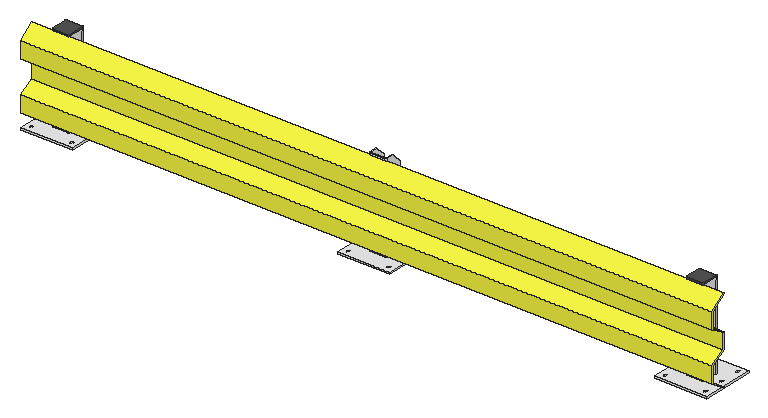
Revit family "Safety & Protection_Barrier_UltiGroup_Fixed Barrier", category Generic Models, Revit 2016
Family settings
  Part Type = Normal
  Can host rebar = No
  Round Connector Dimension = Use Diameter
  OmniClass Number = 23.30.80.17
  OmniClass Title = Impact Protection
  Work Plane-Based = No
  Always vertical = Yes
  Cut with Voids When Loaded = No
  Shared = No
  Room Calculation Point = No
Parameters (values of type "310-1")
  URL = "http://ultigroup.co.nz/"
  Toll Free Phone = "0800 807 753"
  StyleOrType_ANZRS = ""
  Send Message = "http://ultigroup.co.nz/contact-ulti-group/"
  Phone = "07 974 4691"
  ModifiedIssue_ANZRS = 0
  Model = "Ulti Fixed Barrier 310-1"
  Manufacturer = "UltiGroup"
  InstallationGroup_ANZRS = 0
  FireRating_ANZRS = ""
  FilterObject_ANZRS = ""
  Fax = "07 846 2467"
  Description = "Fixed Barrier System 3100mm high - Single"
  CreatedBy_ANZRS = "UltiGroup"
  CreatedByURL_ANZRS = "http://ultigroup.co.nz/"
  CreatedByPhoneNo_ANZRS = "07 974 4691"
  Address = "17 McKee Street, Te Rapa, Hamilton, 3200, New Zealand"
  AcousticRating_ANZRS = ""
  910-3 = no
  910-2 = no
  910 = no
  610-2 = no
  610-1 = no
  310-1 = yes
Types (6, lengths in mm): name | Model | Description | 910-3 | 910-2 | 910 | 610-2 | 610-1 | 310-1
  (no name) | "Ulti Fixed Barrier 310-1" | "Fixed Barrier System 3100mm high - Single" | no | no | no | no | no | yes
  310-1 | "Ulti Fixed Barrier 310-1" | "Fixed Barrier System 3100mm high - Single" | no | no | no | no | no | yes
  610-1 | "Ulti Fixed Barrier 610-1" | "Fixed Barrier System 6100mm high - Single" | no | no | no | no | yes | no
  610-2 | "Ulti Fixed Barrier  610-2" | "Fixed Barrier System 6100mm high - Double" | no | no | no | yes | yes | no
  910-2 | "Ulti Fixed Barrier 910-2" | "Fixed Barrier System 9100mm high - Double" | no | yes | yes | no | no | no
  910-3 | "Ulti Fixed Barrier 910-3" | "Fixed Barrier System 9100mm high - Triple" | yes | no | yes | no | no | no
Reference planes
  plane 1 "Center (Front/Back)": y = 0
  plane 2: z = 0
  plane 3 "Center (Left/Right)": x = 0
  plane 4: x = 2200
  plane 5: x = 1100
  plane 6: z = 305
  plane 7: z = 455
  plane 8: z = 605
Dimensions and locks
  locked: plane 4 to plane 3 "Center (Left/Right)" at 2200
  equal spacing: plane 4, plane 5, plane 3 "Center (Left/Right)"
  locked: plane 6 to plane 2 at 305
  locked: plane 7 to level at 455
  locked: plane 8 to level at 605
  aligned and locked: level to plane 2
  aligned and locked: plane 3 "Center (Left/Right)" to nested 1
  aligned and locked: plane 1 "Center (Front/Back)" to nested 1
  aligned and locked: plane 1 "Center (Front/Back)" to nested 2
  aligned and locked: nested 2 to plane 4
  aligned and locked: plane 1 "Center (Front/Back)" to nested 3
  aligned and locked: plane 5 to nested 3
  aligned and locked: plane 3 "Center (Left/Right)" to nested 4
  aligned and locked: plane 1 "Center (Front/Back)" to nested 5
  aligned and locked: plane 3 "Center (Left/Right)" to nested 5
  aligned and locked: nested 6 to plane 4
  aligned and locked: plane 1 "Center (Front/Back)" to nested 6
  aligned and locked: plane 1 "Center (Front/Back)" to nested 7
  aligned and locked: plane 5 to nested 7
  aligned and locked: plane 3 "Center (Left/Right)" to nested 8
  aligned and locked: nested 8 to nested 5
  aligned and locked: nested 9 to plane 6
  aligned and locked: plane 3 "Center (Left/Right)" to nested 9
  aligned and locked: plane 1 "Center (Front/Back)" to nested 10
  aligned and locked: plane 3 "Center (Left/Right)" to nested 10
  aligned and locked: nested 11 to plane 4
  aligned and locked: plane 1 "Center (Front/Back)" to nested 11
  aligned and locked: plane 5 to nested 12
  aligned and locked: plane 1 "Center (Front/Back)" to nested 12
  aligned and locked: plane 3 "Center (Left/Right)" to nested 13
  aligned and locked: nested 13 to nested 10
  aligned and locked: plane 3 "Center (Left/Right)" to nested 14
  aligned and locked: nested 14 to plane 7
  aligned and locked: plane 3 "Center (Left/Right)" to nested 15
  aligned and locked: nested 15 to plane 6
  aligned and locked: plane 3 "Center (Left/Right)" to nested 16
  aligned and locked: nested 16 to plane 8
Nested families
  nested 1: "Safety & Protection_Barrier Parts_UltiGroup_End Post" at (0, 0, 0), visible <- "310-1", type "BS310-E"
  nested 2: "Safety & Protection_Barrier Parts_UltiGroup_End Post" at (2200, 0, 0), visible <- "310-1", type "BS310-E"
  nested 3: "Safety & Protection_Barrier Parts_UltiGroup_Support" at (1100, 0, 0), visible <- "310-1", type "BS310"
  nested 4: "Safety & Protection_Barrier Parts_UltiGroup_Barrier" at (-100, -30, 157.5) x (1, 0, 0) z (0, -1, 0), visible <- "310-1", type "BR240GY"
  nested 5: "Safety & Protection_Barrier Parts_UltiGroup_End Post" at (0, 0, 0), visible <- "610-1", type "BS610-E"
  nested 6: "Safety & Protection_Barrier Parts_UltiGroup_End Post" at (2200, 0, 0), visible <- "610-1", type "BS610-E"
  nested 7: "Safety & Protection_Barrier Parts_UltiGroup_Support" at (1100, 0, 0), visible <- "610-1", type "BS610"
  nested 8: "Safety & Protection_Barrier Parts_UltiGroup_Barrier" at (-100, -30, 457.5) x (1, 0, 0) z (0, -1, 0), visible <- "610-1", type "BR240GY"
  nested 9: "Safety & Protection_Barrier Parts_UltiGroup_Barrier" at (-100, -30, 157.5) x (1, 0, 0) z (0, -1, 0), visible <- "610-2", type "BR240GY"
  nested 10: "Safety & Protection_Barrier Parts_UltiGroup_End Post" at (0, 0, 0), visible <- "910", type "BS910-E"
  nested 11: "Safety & Protection_Barrier Parts_UltiGroup_End Post" at (2200, 0, 0), visible <- "910", type "BS910-E"
  nested 12: "Safety & Protection_Barrier Parts_UltiGroup_Support" at (1100, 0, 0), visible <- "910", type "BS910"
  nested 13: "Safety & Protection_Barrier Parts_UltiGroup_Barrier" at (-100, -45, 757.5) x (1, 0, 0) z (0, -1, 0), visible <- "910", type "BR240GY"
  nested 14: "Safety & Protection_Barrier Parts_UltiGroup_Barrier" at (-100, -45, 307.5) x (1, 0, 0) z (0, -1, 0), visible <- "910-2", type "BR240GY"
  nested 15: "Safety & Protection_Barrier Parts_UltiGroup_Barrier" at (-100, -45, 157.5) x (1, 0, 0) z (0, -1, 0), visible <- "910-3", type "BR240GY"
  nested 16: "Safety & Protection_Barrier Parts_UltiGroup_Barrier" at (-100, -45, 457.5) x (1, 0, 0) z (0, -1, 0), visible <- "910-3", type "BR240GY"
Definition of nested family "Safety & Protection_Barrier Parts_UltiGroup_End Post"
  Parameters (values of type "B610-E with handrail")
    With handrail and support = yes
    URL = "www.ultigroup.co.nz"
    StyleOrType_ANZRS = ""
    Post dimension = 60 mm
    Post Height = 610 mm
    ModifiedIssue_ANZRS = 0
    Model = "Ulti Fixed Barrier Double End Support - BS610-E"
    Manufacturer = "UltiGroup"
    InstallationGroup_ANZRS = 0
    Handrail = none
    Galvanised steel silver = none
    FireRating_ANZRS = ""
    FilterObject_ANZRS = ""
    End cap = none
    Description = "Ulti Fixed Barrier Double End Support with handrail"
    CreatedBy_ANZRS = "UltiGroup"
    CreatedByURL_ANZRS = "www.ultigroup.co.nz"
    CreatedByPhoneNo_ANZRS = "07 974 4691"
    Base Plate dimension = 180 mm
    Base Plate Thickness = 6 mm
    AcousticRating_ANZRS = ""
  Types (6, lengths in mm): name | With handrail and support | Post dimension | Post Height | Model | Description | Base Plate Thickness
    (no name) | yes | 60 | 610 | "Ulti Fixed Barrier Double End Support - BS610-E" | "Ulti Fixed Barrier Double End Support with handrail" | 6
    BS310-E | no | 60 | 310 | "Ulti Fixed Barrier Single End Support - BS310-E" | "Ulti Fixed Barrier Single End Support" | 6
    BS610-E | no | 60 | 610 | "Ulti Fixed Barrier Double End Support - BS610-E" | "Ulti Fixed Barrier Double End Support" | 6
    BS910-E | no | 90 | 910 | "Ulti Fixed Barrier Triple End Support - BS910-E" | "Ulti Fixed Barrier Triple End Support" | 10
    BS910-E with handrail | yes | 90 | 910 | "Ulti Fixed Barrier Triple End Support - BS910-E" | "Ulti Fixed Barrier Triple End Support with handrail" | 10
    B610-E with handrail | yes | 60 | 610 | "Ulti Fixed Barrier Double End Support - BS610-E" | "Ulti Fixed Barrier Double End Support with handrail" | 6
  Reference planes
    plane 1 "Center (Front/Back)": y = 0
    plane 2: z = 0
    plane 3 "Center (Left/Right)": x = 0
    plane 4: x = -90
    plane 5: x = 90
    plane 6: y = 90
    plane 7: y = -90
    plane 8: z = 6
    plane 9: z = 610
    plane 10: x = -70
    plane 11: x = 70
    plane 12: y = 70
    plane 13: y = -70
    plane 14: y = 30
    plane 15: y = -30
    plane 16: x = -30
    plane 17: x = 30
    plane 18: z = 605
    plane 19: z = 1000
    plane 20: z = 990
    plane 21: z = 495
    plane 22: z = 415
    plane 23: y = 79.5
    plane 24: y = 102
    plane 25: y = 67.5
    plane 26: x = 19
    plane 27: x = -19
  Forms (mm)
    Extrusion 1, solid, material <- "Galvanised steel silver"
      sketch origin (0, 0, 0) x (1, 0, 0) y (0, 1, 0)
        loop
          line (-90, 90) -> (-90, -90) -> (90, -90) -> (90, 90) -> (-90, 90)
        loop
          circle (-70, 70) r 5
        loop
          circle (-70, 0) r 5
        loop
          circle (-70, -70) r 5
        loop
          circle (70, -70) r 5
        loop
          circle (70, 0) r 5
        loop
          circle (70, 70) r 5
      from 0 to 6
    Extrusion 2, solid, material <- "Galvanised steel silver"
      sketch origin (-1503.406, -1524, 6) x (-1, 0, 0) y (0, -1, 0)
        loop
          line (-1473.406, -1550) -> (-1473.406, -1498)
          arc (-1473.406, -1498) -> (-1474.578, -1495.172) -> (-1477.406, -1494) r 4
          line (-1477.406, -1494) -> (-1529.406, -1494)
          arc (-1529.406, -1494) -> (-1532.235, -1495.172) -> (-1533.406, -1498) r 4
          line (-1533.406, -1498) -> (-1533.406, -1550)
          arc (-1533.406, -1550) -> (-1532.235, -1552.828) -> (-1529.406, -1554) r 4
          line (-1529.406, -1554) -> (-1477.406, -1554)
          arc (-1477.406, -1554) -> (-1474.578, -1552.828) -> (-1473.406, -1550) r 4
        loop
          arc (-1479.406, -1550) -> (-1477.992, -1549.414) -> (-1477.406, -1548) r 2
          line (-1477.406, -1548) -> (-1477.406, -1500)
          arc (-1477.406, -1500) -> (-1477.992, -1498.586) -> (-1479.406, -1498) r 2
          line (-1479.406, -1498) -> (-1527.406, -1498)
          arc (-1527.406, -1498) -> (-1528.821, -1498.586) -> (-1529.406, -1500) r 2
          line (-1529.406, -1500) -> (-1529.406, -1548)
          arc (-1529.406, -1548) -> (-1528.821, -1549.414) -> (-1527.406, -1550) r 2
          line (-1527.406, -1550) -> (-1479.406, -1550)
      from 0 to 599
    Extrusion 3, solid, material <- "Handrail", visible <- "With handrail and support"
      sketch origin (0, 55, 495) x (0, 1, 0) y (-1, 0, 0)
        loop
          circle (24.5, 0) r 22.5
      from 0 to 495
    Revolve 4, solid, material <- "End cap", visible <- "With handrail and support"
      sketch origin (0, 0, 0) x (0, 1, 0) y (0, 0, 1)
        loop
          line (79.5, 1000) -> (79.5, 990) -> (102, 990) -> (102, 992) -> (101, 992) -> (101, 993) -> (102, 993) -> (102, 994.359)
          arc (102, 994.359) -> (101.84, 994.901) -> (101.412, 995.27) r 1
          arc (101.412, 995.27) -> (90.709, 998.804) -> (79.5, 1000) r 53.125
        axis (79.5, 1000) -> (79.5, 990)
      angle from 0 to 360
    Extrusion 5, solid, material <- "Handrail", visible <- "With handrail and support"
      sketch origin (-19, -125.417, 1200) x (0, -1, 0) y (0, 0, 1)
        loop
          line (-155.417, -785) -> (-155.417, -663.624) -> (-192.917, -657) -> (-192.917, -740) -> (-165.417, -785) -> (-155.417, -785)
      from 0 to 3
    Extrusion 6, solid, material <- "Handrail", visible <- "With handrail and support"
      sketch origin (19, -125.417, 1200) x (0, -1, 0) y (0, 0, 1)
        loop
          line (-155.417, -785) -> (-155.417, -663.624) -> (-192.917, -657) -> (-192.917, -740) -> (-165.417, -785) -> (-155.417, -785)
      from -3 to 0
    Extrusion 7, solid, material <- "Handrail", visible <- "With handrail and support"
      sketch origin (-22, -125.417, 1200) x (0, -1, 0) y (0, 0, 1)
        loop
          line (-155.417, -785) -> (-155.417, -663.624) -> (-158.417, -663.094) -> (-158.417, -785) -> (-155.417, -785)
      from 0 to -44
    Extrusion 8, solid, material <- "End cap"
      sketch origin (-1506.121, -1524, 605) x (-1, 0, 0) y (0, -1, 0)
        loop
          arc (-1480.121, -1554) -> (-1477.292, -1552.828) -> (-1476.121, -1550) r 4
          line (-1476.121, -1550) -> (-1476.121, -1498)
          arc (-1476.121, -1498) -> (-1477.292, -1495.172) -> (-1480.121, -1494) r 4
          line (-1480.121, -1494) -> (-1532.121, -1494)
          arc (-1532.121, -1494) -> (-1534.949, -1495.172) -> (-1536.121, -1498) r 4
          line (-1536.121, -1498) -> (-1536.121, -1550)
          arc (-1536.121, -1550) -> (-1534.949, -1552.828) -> (-1532.121, -1554) r 4
          line (-1532.121, -1554) -> (-1480.121, -1554)
      from 0 to 5
  Cuts and joins
    joined: Extrusion 5, Extrusion 6, Extrusion 7
  Dimensions and locks
    "Base Plate dimension": plane 4 to plane 5
    equal spacing: plane 4, plane 3 "Center (Left/Right)", plane 5
    "Base Plate dimension": plane 6 to plane 7
    equal spacing: plane 6, plane 1 "Center (Front/Back)", plane 7
    "Base Plate Thickness": plane 8 to plane 2
    "Post Height": plane 9 to plane 2
    locked: plane 4 to plane 10 at 20
    locked: plane 11 to plane 5 at 20
    locked: plane 13 to plane 7 at 20
    locked: plane 6 to plane 12 at 20
    "Post dimension": plane 14 to plane 15
    equal spacing: plane 14, plane 1 "Center (Front/Back)", plane 15
    "Post dimension": plane 16 to plane 17
    equal spacing: plane 16, plane 3 "Center (Left/Right)", plane 17
    locked: plane 9 to plane 18 at 5
    locked: plane 19 to level at 1000
    locked: plane 19 to plane 20 at 10
    locked: plane 9 to plane 21 at 115
    locked: plane 21 to plane 22 at 80
    locked: plane 1 "Center (Front/Back)" to plane 24 at 102
    locked: plane 24 to plane 23 at 22.5
    locked: plane 25 to plane 23 at 12
    locked: plane 3 "Center (Left/Right)" to plane 26 at 19
    locked: plane 27 to plane 3 "Center (Left/Right)" at 19
    aligned and locked: level to plane 2
    aligned and locked: Extrusion 1 sketch curve to plane 6
    aligned and locked: Extrusion 1 sketch curve to plane 4
    aligned and locked: Extrusion 1 sketch curve to plane 7
    aligned and locked: Extrusion 1 sketch curve to plane 5
    aligned and locked: plane 8 to Extrusion 1
    aligned and locked: Extrusion 1 to level
    aligned and locked: plane 12 to Extrusion 1 sketch curve  (x2)
    aligned and locked: plane 10 to Extrusion 1 sketch curve  (x3)
    aligned and locked: plane 11 to Extrusion 1 sketch curve  (x3)
    aligned and locked: plane 1 "Center (Front/Back)" to Extrusion 1 sketch curve  (x2)
    aligned and locked: plane 13 to Extrusion 1 sketch curve  (x2)
    aligned and locked: Extrusion 2 sketch curve to plane 16
    aligned and locked: Extrusion 2 sketch curve to plane 14
    aligned and locked: Extrusion 2 sketch curve to plane 17
    aligned and locked: Extrusion 2 sketch curve to plane 15
    aligned and locked: Extrusion 2 to plane 8
    aligned and locked: plane 18 to Extrusion 2
    aligned and locked: plane 23 to Extrusion 3 sketch curve
    aligned and locked: plane 3 "Center (Left/Right)" to Extrusion 3 sketch curve
    aligned and locked: Extrusion 3 to plane 21
    aligned and locked: plane 20 to Extrusion 3
    aligned and locked: Revolve 4 sketch curve to plane 23
    aligned and locked: plane 23 to Revolve 4 sketch curve
    aligned and locked: plane 20 to Revolve 4 sketch curve
    aligned and locked: plane 24 to Revolve 4 sketch curve
    aligned and locked: Extrusion 5 sketch curve to plane 14
    aligned and locked: Extrusion 5 sketch curve to plane 22
    aligned and locked: Extrusion 5 sketch curve to plane 25
    aligned and locked: Extrusion 6 sketch curve to plane 14
    aligned and locked: Extrusion 6 sketch curve to plane 25
    aligned and locked: Extrusion 6 sketch curve to plane 22
    aligned and locked: Extrusion 7 sketch curve to plane 14
    aligned and locked: Extrusion 7 sketch curve to plane 22
    aligned and locked: Extrusion 7 sketch curve to Extrusion 5
    aligned and locked: Extrusion 7 to cut or joined group of Extrusion 5, Extrusion 6, Extrusion 7
    aligned and locked: Extrusion 8 sketch curve to Extrusion 2  (x4)
    aligned and locked: plane 9 to Extrusion 8
    aligned and locked: Extrusion 8 to plane 18
  Automatic sketch dimensions
    Extrusion 2 sketch curve to Extrusion 2 sketch curve = 4 mm
    Extrusion 2 sketch curve to plane 17 = 4 mm
    Extrusion 2 sketch curve to Extrusion 2 sketch curve = 0 mm  (x3)
    Extrusion 2 sketch curve to Extrusion 2 sketch curve = 2 mm  (x4)
    plane 16 to Extrusion 2 sketch curve = 6 mm  (x2)
    plane 15 to Extrusion 2 sketch curve = 4 mm
    Revolve 4 sketch curve to plane 24 = 0 mm
    Revolve 4 sketch curve to plane 19 = 0 mm
    Revolve 4 sketch curve to Revolve 4 sketch curve = 1 mm  (x3)
    Revolve 4 sketch curve to plane 20 = 43.125 mm
    plane 20 to Revolve 4 sketch curve = 2 mm
    Revolve 4 sketch curve to Revolve 4 sketch curve = 1.359 mm
    plane 21 to Revolve 4 sketch curve = 54.942 mm
    Revolve 4 sketch curve to Revolve 4 sketch curve = 162.671 mm
    plane 14 to Extrusion 5 sketch curve = 10 mm
    Extrusion 5 sketch curve to plane 21 = 35 mm
    plane 21 to Extrusion 5 sketch curve = 41.376 mm
    Extrusion 5 sketch curve to Extrusion 5 sketch curve = 6.624 mm
    plane 14 to Extrusion 6 sketch curve = 10 mm
    Extrusion 6 sketch curve to plane 21 = 35 mm
    plane 21 to Extrusion 6 sketch curve = 41.376 mm
    Extrusion 6 sketch curve to Extrusion 6 sketch curve = 6.624 mm
    Extrusion 7 sketch curve to Extrusion 5 = 3 mm
    radius of Extrusion 1 sketch curve = 5 mm  (x6)
    radius of Extrusion 3 sketch curve = 22.5 mm
Definition of nested family "Safety & Protection_Barrier Parts_UltiGroup_Support"
  Parameters (values of type "BS610")
    With handrail and support = no
    URL = "www.ultigroup.co.nz"
    StyleOrType_ANZRS = ""
    Post dimension = 60 mm
    Post Height = 610 mm
    Post 910 = no
    Post 310-610 = yes
    ModifiedIssue_ANZRS = 0
    Model = "Ulti Fixed Barrier Double Support - BS610"
    Manufacturer = "UltiGroup"
    InstallationGroup_ANZRS = 0
    Handrail = none
    Galvanised steel silver = none
    FireRating_ANZRS = ""
    FilterObject_ANZRS = ""
    End cap = none
    Description = "Ulti Fixed Barrier Double Support"
    CreatedBy_ANZRS = "UltiGroup"
    CreatedByURL_ANZRS = "www.ultigroup.co.nz"
    CreatedByPhoneNo_ANZRS = "07 974 4691"
    Base Plate dimension = 180 mm
    Base Plate Thickness = 6 mm
    AcousticRating_ANZRS = ""
  Types (6, lengths in mm): name | With handrail and support | Post dimension | Post Height | Post 910 | Post 310-610 | Model | Description | Base Plate Thickness
    (no name) | no | 60 | 610 | no | yes | "Ulti Fixed Barrier Double Support - BS610" | "Ulti Fixed Barrier Double Support" | 6
    BS310 | no | 60 | 310 | no | yes | "Ulti Fixed Barrier Single Support - BS310" | "Ulti Fixed Barrier Single Support" | 6
    BS610 | no | 60 | 610 | no | yes | "Ulti Fixed Barrier Double Support - BS610" | "Ulti Fixed Barrier Double Support" | 6
    BS910 | no | 90 | 910 | yes | no | "Ulti Fixed Barrier Triple Support - BS910" | "Ulti Fixed Barrier Triple Support" | 10
    BS910 - with handrail support | yes | 90 | 910 | yes | no | "Ulti Fixed Barrier Triple Support - BS910" | "Ulti Fixed Barrier Triple Support" | 10
    BS610 - with handrail suppport | yes | 60 | 610 | no | yes | "Ulti Fixed Barrier Double Support - BS610" | "Ulti Fixed Barrier Double Support" | 6
  Reference planes
    plane 1 "Center (Front/Back)": y = 0
    plane 2: z = 0
    plane 3 "Center (Left/Right)": x = 0
    plane 4: x = -90
    plane 5: x = 90
    plane 6: y = 90
    plane 7: y = -90
    plane 8: z = 6
    plane 9: z = 610
    plane 10: x = -70
    plane 11: x = 70
    plane 12: y = 70
    plane 13: y = -70
    plane 14: y = 30
    plane 15: y = -30
    plane 16: x = -30
    plane 17: x = 30
    plane 18: z = 605
    plane 19: z = 1000
    plane 20: y = 92.5
    plane 21: z = 495
    plane 22: z = 515
    plane 23: z = 415
    plane 24: x = 0
    plane 25: x = 19
    plane 26: x = -19
    plane 27: y = -13
    plane 28: y = 115
    plane 29: y = 80.448
    plane 30: z = 990
  Forms (mm)
    Extrusion 1, solid, material <- "Galvanised steel silver"
      sketch origin (0, 0, 0) x (1, 0, 0) y (0, 1, 0)
        loop
          line (-90, 90) -> (-90, -90) -> (90, -90) -> (90, 90) -> (-90, 90)
        loop
          circle (-70, 70) r 5
        loop
          circle (70, 70) r 5
        loop
          circle (-70, -70) r 5
        loop
          circle (70, -70) r 5
      from 0 to 6
    Extrusion 2, solid, material <- "Galvanised steel silver", visible <- "Post 310-610"
      sketch origin (-1503.406, -1524, 6) x (-1, 0, 0) y (0, -1, 0)
        loop
          line (-1473.406, -1554) -> (-1473.406, -1498)
          arc (-1473.406, -1498) -> (-1474.578, -1495.172) -> (-1477.406, -1494) r 4
          line (-1477.406, -1494) -> (-1529.406, -1494)
          arc (-1529.406, -1494) -> (-1532.235, -1495.172) -> (-1533.406, -1498) r 4
          line (-1533.406, -1498) -> (-1533.406, -1554) -> (-1529.406, -1554) -> (-1529.406, -1500)
          arc (-1529.406, -1500) -> (-1528.821, -1498.586) -> (-1527.406, -1498) r 2
          line (-1527.406, -1498) -> (-1479.406, -1498)
          arc (-1479.406, -1498) -> (-1477.992, -1498.586) -> (-1477.406, -1500) r 2
          line (-1477.406, -1500) -> (-1477.406, -1554) -> (-1473.406, -1554)
      from 0 to 604
    Sweep 3, void
      path in 3D
        loop
          line (30, 30, 610) -> (26, 30, 610)
      profile origin (28, 30, 610) x (0, -1, 0) y (0, 0, 1)
        loop
          line (20, 0) -> (0, 0) -> (0, -20) -> (20, 0)
    Sweep 4, void
      path in 3D
        loop
          line (-26, 30, 610) -> (-30, 30, 610)
      profile origin (-28, 30, 610) x (0, -1, 0) y (0, 0, 1)
        loop
          line (20, 0) -> (0, 0) -> (0, -20) -> (20, 0)
    Extrusion 5, solid, material <- "Galvanised steel silver", visible <- "Post 910"
      sketch origin (-1503.406, -1524, 6) x (-1, 0, 0) y (0, -1, 0)
        loop
          line (-1477.406, -1494) -> (-1529.406, -1494)
          arc (-1529.406, -1494) -> (-1532.235, -1495.172) -> (-1533.406, -1498) r 4
          line (-1533.406, -1498) -> (-1533.406, -1554) -> (-1529.406, -1554) -> (-1529.406, -1500)
          arc (-1529.406, -1500) -> (-1528.821, -1498.586) -> (-1527.406, -1498) r 2
          line (-1527.406, -1498) -> (-1479.406, -1498)
          arc (-1479.406, -1498) -> (-1477.992, -1498.586) -> (-1477.406, -1500) r 2
          line (-1477.406, -1500) -> (-1477.406, -1554) -> (-1473.406, -1554) -> (-1473.406, -1498)
          arc (-1473.406, -1498) -> (-1474.578, -1495.172) -> (-1477.406, -1494) r 4
      from 0 to 604
    Sweep 6, void
      path in 3D
        loop
          line (30, 30, 610) -> (26, 30, 610)
      profile origin (28, 30, 610) x (0, -1, 0) y (0, 0, 1)
        loop
          line (30, 0) -> (0, 0) -> (0, -30) -> (30, 0)
    Sweep 7, void
      path in 3D
        loop
          line (-26, 30, 610) -> (-30, 30, 610)
      profile origin (-28, 30, 610) x (0, -1, 0) y (0, 0, 1)
        loop
          line (30, 0) -> (0, 0) -> (0, -30) -> (30, 0)
    Extrusion 8, solid, material <- "Handrail", visible <- "With handrail and support"
      sketch origin (-1851.931, -1480.183, 1000) x (-1, 0, 0) y (0, -1, 0)
        loop
          circle (-1851.931, -1572.683) r 22.5
      from -10 to -505
    Extrusion 9, solid, material <- "Handrail", visible <- "With handrail and support"
      sketch origin (0, -28, 415) x (-1, 0, 0) y (0, 1, 0)
        loop
          arc (19, 2) -> (21.121, 2.879) -> (22, 5) r 3
          line (22, 5) -> (22, 15) -> (19, 15) -> (19, 6)
          arc (19, 6) -> (18.707, 5.293) -> (18, 5) r 1
          line (18, 5) -> (-18, 5)
          arc (-18, 5) -> (-18.707, 5.293) -> (-19, 6) r 1
          line (-19, 6) -> (-19, 15) -> (-22, 15) -> (-22, 5)
          arc (-22, 5) -> (-21.121, 2.879) -> (-19, 2) r 3
          line (-19, 2) -> (19, 2)
      from 0 to -100
    Sweep 10, solid, material <- "Handrail", visible <- "With handrail and support"
      path in 3D
        loop
          line (-19, -13, 515) -> (-22, -13, 515)
      profile origin (-20.5, -13, 515) x (0, -1, 0) y (0, 0, 1)
        loop
          line (0, 0) -> (-93.448, 28) -> (-93.448, -19.997) -> (0, -100) -> (0, 0)
        loop
          circle (-25, -35.484) r 12
        loop
          circle (-52.025, -19.792) r 8
        loop
          circle (-73, -7.613) r 5
    Sweep 11, solid, material <- "Handrail", visible <- "With handrail and support"
      path in 3D
        loop
          line (22, -13, 515) -> (19, -13, 515)
      profile origin (20.5, -13, 515) x (0, -1, 0) y (0, 0, 1)
        loop
          line (0, 0) -> (-93.448, 28) -> (-93.448, -19.997) -> (0, -100) -> (0, 0)
        loop
          circle (-73, -7.613) r 5
        loop
          circle (-52.025, -19.792) r 8
        loop
          circle (-25, -35.484) r 12
    Revolve 12, solid, material <- "End cap", visible <- "With handrail and support"
      sketch origin (0, 0, 0) x (0, 1, 0) y (0, 0, 1)
        loop
          line (115, 990) -> (115, 992) -> (114, 992) -> (114, 993) -> (115, 993) -> (115, 994.359)
          arc (115, 994.359) -> (114.84, 994.901) -> (114.412, 995.27) r 1
          arc (114.412, 995.27) -> (103.709, 998.804) -> (92.5, 1000) r 53.125
          line (92.5, 1000) -> (92.5, 990) -> (115, 990)
        axis (92.5, 990) -> (92.5, 1000)
      angle from 0 to 360
  Cuts and joins
    Sweep 3, Sweep 4, Sweep 6, Sweep 7 cuts Extrusion 2
    Sweep 6, Sweep 7 cuts Extrusion 5
    joined: Extrusion 9, Sweep 10, Sweep 11
  Lines and regions (mm)
    sketch lines
      curve 1: line (30, 30, 610) -> (26, 30, 610)
      curve 2: line (-26, 30, 610) -> (-30, 30, 610)
      curve 3: line (30, 30, 610) -> (26, 30, 610)
      curve 4: line (-26, 30, 610) -> (-30, 30, 610)
      curve 5: line (-19, -13, 515) -> (-22, -13, 515)
      curve 6: line (22, -13, 515) -> (19, -13, 515)
  Dimensions and locks
    "Base Plate dimension": plane 4 to plane 5
    equal spacing: plane 4, plane 3 "Center (Left/Right)", plane 5
    "Base Plate dimension": plane 6 to plane 7
    equal spacing: plane 6, plane 1 "Center (Front/Back)", plane 7
    "Base Plate Thickness": plane 8 to plane 2
    "Post Height": plane 9 to plane 2
    locked: plane 4 to plane 10 at 20
    locked: plane 11 to plane 5 at 20
    locked: plane 13 to plane 7 at 20
    locked: plane 6 to plane 12 at 20
    "Post dimension": plane 14 to plane 15
    equal spacing: plane 14, plane 1 "Center (Front/Back)", plane 15
    "Post dimension": plane 16 to plane 17
    equal spacing: plane 16, plane 3 "Center (Left/Right)", plane 17
    locked: plane 9 to plane 18 at 5
    locked: plane 19 to plane 2 at 1000
    locked: plane 9 to plane 21 at 115
    locked: plane 22 to plane 21 at 20
    locked: plane 21 to plane 23 at 80
    locked: plane 3 "Center (Left/Right)" to plane 25 at 19
    locked: plane 26 to plane 3 "Center (Left/Right)" at 19
    locked: plane 27 to plane 15 at 17
    locked: plane 28 to plane 20 at 22.5
    locked: plane 1 "Center (Front/Back)" to plane 28 at 115
    locked: plane 20 to plane 29 at 12.052
    locked: plane 19 to plane 30 at 10
    aligned and locked: level to plane 2
    aligned and locked: Extrusion 1 sketch curve to plane 6
    aligned and locked: Extrusion 1 sketch curve to plane 5
    aligned and locked: Extrusion 1 sketch curve to plane 4
    aligned and locked: Extrusion 1 sketch curve to plane 7
    aligned and locked: plane 12 to Extrusion 1 sketch curve  (x2)
    aligned and locked: plane 10 to Extrusion 1 sketch curve  (x2)
    aligned and locked: plane 13 to Extrusion 1 sketch curve  (x2)
    aligned and locked: plane 11 to Extrusion 1 sketch curve  (x2)
    aligned and locked: plane 8 to Extrusion 1
    aligned and locked: Extrusion 1 to level
    aligned and locked: Extrusion 2 sketch curve to plane 16
    aligned and locked: Extrusion 2 sketch curve to plane 15
    aligned and locked: Extrusion 2 sketch curve to plane 17
    aligned and locked: Extrusion 2 sketch curve to plane 14
    aligned and locked: plane 9 to Extrusion 2
    aligned and locked: Extrusion 2 to plane 8
    aligned and locked: profile plane to Sweep 3 sketch curve  (x2)
    aligned and locked: profile plane to Sweep 4 sketch curve  (x2)
    aligned and locked: Extrusion 5 sketch curve to plane 15
    aligned and locked: Extrusion 5 sketch curve to plane 16
    aligned and locked: Extrusion 5 sketch curve to plane 14
    aligned and locked: Extrusion 5 sketch curve to plane 17
    aligned and locked: plane 9 to Extrusion 5
    aligned and locked: Extrusion 5 to plane 8
    aligned and locked: profile plane to Sweep 6 sketch curve  (x2)
    aligned and locked: profile plane to Sweep 7 sketch curve  (x2)
    aligned and locked: plane 3 "Center (Left/Right)" to Extrusion 8 sketch curve
    aligned and locked: plane 20 to Extrusion 8 sketch curve
    aligned and locked: Extrusion 8 to plane 21
    aligned and locked: cut or joined group of Extrusion 5, Sweep 6, Sweep 7 to Extrusion 9 sketch curve
    aligned and locked: Extrusion 9 sketch curve to plane 26
    aligned and locked: plane 25 to Extrusion 9 sketch curve
    aligned and locked: plane 27 to Extrusion 9 sketch curve
    aligned and locked: plane 22 to Extrusion 9
    aligned and locked: plane 23 to Extrusion 9
    aligned and locked: profile plane to Sweep 10 sketch curve
    aligned and locked: Sweep 10 sketch curve to plane 29
    aligned and locked: Sweep 11 sketch curve to Extrusion 9
    aligned and locked: Sweep 11 sketch curve to plane 29
    aligned and locked: plane 30 to Extrusion 8
    aligned and locked: Revolve 12 sketch curve to plane 20
    aligned and locked: Revolve 12 sketch curve to Extrusion 8
    aligned and locked: plane 28 to Revolve 12 sketch curve
    aligned and locked: plane 20 to Revolve 12 sketch curve
  Automatic sketch dimensions
    Extrusion 2 sketch curve to plane 14 = 0 mm
    Extrusion 2 sketch curve to plane 17 = 4 mm
    Extrusion 2 sketch curve to Extrusion 2 sketch curve = 0 mm
    Extrusion 2 sketch curve to Extrusion 2 sketch curve = 2 mm  (x4)
    plane 15 to Extrusion 2 sketch curve = 4 mm
    Sweep 3 sketch curve to profile plane = 20 mm  (x2)
    Sweep 4 sketch curve to profile plane = 20 mm  (x2)
    Extrusion 5 sketch curve to plane 14 = 0 mm
    Extrusion 5 sketch curve to plane 17 = 4 mm  (x2)
    Extrusion 5 sketch curve to Extrusion 5 sketch curve = 2 mm  (x3)
    Extrusion 5 sketch curve to Extrusion 5 sketch curve = 0 mm
    Sweep 6 sketch curve to profile plane = 30 mm
    Sweep 6 sketch curve to Sweep 6 sketch curve = 30 mm
    Sweep 7 sketch curve to profile plane = 30 mm  (x2)
    plane 15 to Extrusion 5 sketch curve = 6 mm
    Extrusion 9 sketch curve to plane 25 = 0 mm
    Extrusion 9 sketch curve to plane 26 = 0 mm
    plane 27 to Extrusion 9 sketch curve = 0 mm
    plane 25 to Extrusion 9 sketch curve = 3 mm
    Extrusion 9 sketch curve to Extrusion 9 sketch curve = 1 mm  (x2)
    Extrusion 9 sketch curve to plane 26 = 1 mm
    Extrusion 9 sketch curve to Extrusion 9 sketch curve = 3 mm
    Sweep 10 sketch curve to profile plane = 0 mm
    Sweep 10 sketch curve to profile plane = 7.613 mm
    Sweep 10 sketch curve to Sweep 10 sketch curve = 20.448 mm
    Sweep 10 sketch curve to Sweep 10 sketch curve = 20.975 mm
    profile plane to Sweep 10 sketch curve = 25 mm
    Sweep 10 sketch curve to profile plane = 19.792 mm
    Sweep 10 sketch curve to profile plane = 19.997 mm
    Sweep 10 sketch curve to Sweep 10 sketch curve = 15.692 mm
    Sweep 10 sketch curve to Sweep 10 sketch curve = 64.516 mm
    profile plane to Sweep 10 sketch curve = 28 mm
    Sweep 11 sketch curve to profile plane = 0 mm
    Sweep 11 sketch curve to profile plane = 7.613 mm
    Sweep 11 sketch curve to Sweep 11 sketch curve = 20.448 mm
    Sweep 11 sketch curve to Sweep 11 sketch curve = 20.975 mm
    profile plane to Sweep 11 sketch curve = 25 mm
    Sweep 11 sketch curve to profile plane = 19.792 mm
    Sweep 11 sketch curve to profile plane = 19.997 mm
    Sweep 11 sketch curve to Sweep 11 sketch curve = 15.692 mm
    Sweep 11 sketch curve to Sweep 11 sketch curve = 64.516 mm
    profile plane to Sweep 11 sketch curve = 28 mm
    Revolve 12 sketch curve to plane 28 = 0 mm
    Revolve 12 sketch curve to plane 19 = 0 mm
    Revolve 12 sketch curve to plane 28 = 1 mm  (x2)
    Revolve 12 sketch curve to plane 30 = 43.125 mm
    plane 30 to Revolve 12 sketch curve = 2 mm
    Revolve 12 sketch curve to Revolve 12 sketch curve = 1 mm
    Revolve 12 sketch curve to Revolve 12 sketch curve = 1.359 mm
    Revolve 12 sketch curve to level = 304.8 mm
    plane 19 to Revolve 12 sketch curve = 1438.4 mm
    radius of Extrusion 1 sketch curve = 5 mm  (x4)
    radius of Extrusion 8 sketch curve = 22.5 mm
    radius of Sweep 10 sketch curve = 12 mm
    radius of Sweep 10 sketch curve = 8 mm
    radius of Sweep 10 sketch curve = 5 mm
    radius of Sweep 11 sketch curve = 5 mm
    radius of Sweep 11 sketch curve = 8 mm
    radius of Sweep 11 sketch curve = 12 mm
Definition of nested family "Safety & Protection_Barrier Parts_UltiGroup_Barrier"
  Parameters (values of type "BR240G")
    URL = "www.ultigroup.co.nz"
    StyleOrType_ANZRS = ""
    ModifiedIssue_ANZRS = 0
    Model = "Ulti Fixed Barrier - BR240G"
    Manufacturer = "UltiGroup"
    InstallationGroup_ANZRS = 0
    GS Yellow [instance] = none
    GS Silver [instance] = none
    FireRating_ANZRS = ""
    FilterObject_ANZRS = ""
    Description = "Ulti Fixed Barrier - Galvanised finish"
    Default Elevation = 1200 mm
    CreatedBy_ANZRS = "UltiGroup"
    CreatedByURL_ANZRS = "07 974 4691"
    CreatedByPhoneNo_ANZRS = "www.ultigroup.co.nz"
    Barrier length (max. 2400) = 2400 mm
    AcousticRating_ANZRS = ""
  Types (2, lengths in mm): name | Model | Description
    BR240G | "Ulti Fixed Barrier - BR240G" | "Ulti Fixed Barrier - Galvanised finish"
    BR240GY | "Ulti Fixed Barrier - BR240GY" | "Ulti Fixed Barrier - Safety Yellow over Galvanised finish"
  Reference planes
    plane 1 "Center (Front/Back)": y = 0
    plane 2: z = 0
    plane 3 "Center (Left/Right)": x = 0
    plane 4: x = 2400
    plane 5: x = 100
    plane 6: x = 2300
    plane 7: z = 50
    plane 8: y = -147.5
    plane 9: y = 147.5
  Forms (mm)
    Extrusion 1, solid
      sketch origin (-0.8, 0.8, 0) x (1, 0, 0) y (0, 1, 0)
        loop
          line (-1199.2, 1199.2) -> (-1199.2, -1200.8) -> (1200.8, -1200.8) -> (1200.8, 1199.2) -> (-1199.2, 1199.2)
      from 0 to -304.8
    Extrusion 2, solid, material <- "GS Yellow"
      sketch origin (0, 0, 0) x (0, 1, 0) y (0, 0, 1)
        loop
          line (147.5, 0) -> (112.123, 50) -> (55.96, 50) -> (27.523, 2) -> (-27.521, 2) -> (-55.919, 50) -> (-112.172, 50) -> (-147.5, 0) -> (-145.051, 0) -> (-111.136, 48) -> (-57.059, 48) -> (-28.662, 0) -> (28.662, 0) -> (57.1, 48) -> (111.088, 48) -> (145.05, 0) -> (147.5, 0)
      from 0 to 2400
  Dimensions and locks
    "Barrier length (max. 2400)": plane 3 "Center (Left/Right)" to plane 4
    locked: plane 3 "Center (Left/Right)" to plane 5 at 100
    locked: plane 6 to plane 4 at 100
    locked: plane 7 to level at 50
    locked: plane 9 to plane 1 "Center (Front/Back)" at 147.5
    locked: plane 1 "Center (Front/Back)" to plane 8 at 147.5
    aligned and locked: plane 2 to Extrusion 1
    aligned and locked: level to Extrusion 1
    aligned and locked: plane 2 to Extrusion 2 sketch curve
    aligned and locked: plane 7 to Extrusion 2 sketch curve
    aligned and locked: plane 4 to Extrusion 2
    aligned and locked: Extrusion 2 to plane 3 "Center (Left/Right)"
  Automatic sketch dimensions
    Extrusion 1 sketch curve to Extrusion 1 sketch curve = 2400 mm  (x2)
    plane 9 to Extrusion 2 sketch curve = 0 mm
    Extrusion 2 sketch curve to Extrusion 2 sketch curve = 35.328 mm
    Extrusion 2 sketch curve to plane 9 = 35.377 mm
    Extrusion 2 sketch curve to plane 7 = 2 mm  (x2)
    Extrusion 2 sketch curve to Extrusion 2 sketch curve = 1.035 mm
    Extrusion 2 sketch curve to plane 9 = 2.45 mm
    Extrusion 2 sketch curve to Extrusion 2 sketch curve = 53.988 mm
    Extrusion 2 sketch curve to plane 1 "Center (Front/Back)" = 28.662 mm
    level to Extrusion 2 sketch curve = 2 mm
    Extrusion 2 sketch curve to Extrusion 2 sketch curve = 1.14 mm  (x2)
    plane 1 "Center (Front/Back)" to Extrusion 2 sketch curve = 27.521 mm
    Extrusion 2 sketch curve to Extrusion 2 sketch curve = 29.538 mm
    Extrusion 2 sketch curve to Extrusion 2 sketch curve = 1.141 mm  (x2)
    plane 8 to Extrusion 2 sketch curve = 2.449 mm
    Extrusion 2 sketch curve to plane 8 = 0 mm
    Extrusion 2 sketch curve to Extrusion 2 sketch curve = 1.036 mm
    Extrusion 2 sketch curve to plane 7 = 0 mm
    Extrusion 2 sketch curve to level = 0 mm  (x2)
